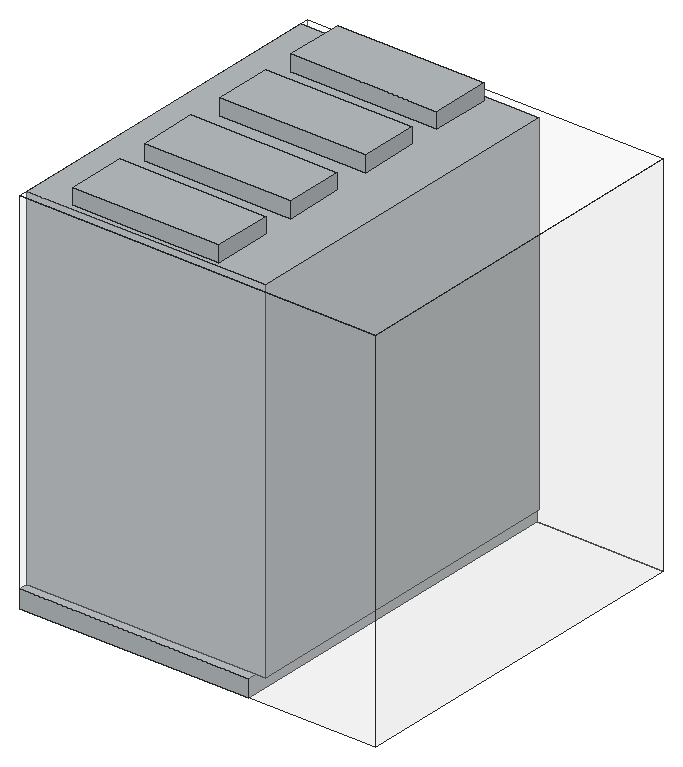
Revit family "lf-300_500x2-(f)60_60Hz", category 機械設備, Revit 2019
Family settings
  丸型コネクタ寸法 = 直径を使用
  パーツ タイプ = 標準
  OmniClass 番号 = 23.75.10.34.21
  OmniClass タイトル = Heat Exchangers for Ventilation Air
  作業面ベース = いいえ
  常に垂直 = はい
  ロード時にボイドで切り取り = いいえ
  共有 = いいえ
  部屋計算ポイント = はい
Parameters (values of type "LF-300X2-60")
  騒音レベル(dB(A)) = 52
  風量 = 3000.0 m³/h
  面風速 = 3.7 m/s
  電源種別 [instance] = ""
  電圧 = 200 V
  電動機出力 = 0 W
  集中コントローラ = ""
  運転質量 = 0.00 kg
  連動 [instance] = ""
  質量 = if(製品質量 > 運転質量, 製品質量, 運転質量) * 1.2  # 648.00 kg
  負荷分類 = 3_ファン類
  説明 = "設備用ロスナイ 床置形"
  設計風量 = 0.0 m³/h
  設置方法 = "床置形"
  記号 [instance] = ""
  製造元 = "三菱電機株式会社"
  製品質量 = 540.00 kg
  製品出荷対象 = "国内"
  製品リリース年月 = "2018/7/25"
  製品グループ = ""
  系統 [instance] = ""
  符号 = "HEU"
  積算_科目 = "1 空気調和設備"
  積算_拾い区分 [instance] = ""
  相 = 3
  盤記号 [instance] = ""
  発停方法 [instance] = ""
  特殊仕様 [instance] = ""
  火災停止 [instance] = ""
  温度交換効率 = 75.00%
  消費電力 = 2500 W
  法定耐用年数 = "15"
  機外静圧_排気 = 320.0 Pa
  機外静圧 = 320.0 Pa
  極数 = 3
  材質 [instance] = ""
  本体固定用穴ピッチ2 = 850 mm
  本体固定用穴ピッチ1 = 568 mm
  本体固定用穴_径 = 20 mm
  本体マテリアル = 溶融亜鉛めっき鋼板
  操作・制御方式 = ""
  操作・制御スイッチ = ""
  排気量 = 0.0 m³/h
  形式 = "床置形"
  幹線記号 [instance] = ""
  対象室 [instance] = ""
  実風量 = 0.0 m³/h
  始動方式 [instance] = "直入"
  外気量 = 0.0 m³/h
  呼称 = "全熱交換ユニット"
  周波数 = 60 Hz
  参照している仕様書等のバージョン = "公共建築工事標準仕様書（機械設備工事編）平成31年度版"
  初期抵抗 = 0.0 Pa
  分類コード = "50052504100050"
  分類グループ = ""
  価格 = 3813000
  企業コード = "108420"
  付属品_フィルター_還気 = ""
  付属品_フィルター = ""
  付属品 [instance] = ""
  仕様書バージョン = "Version1.0"
  モデル = "LF-300X2-60"
  メンテナンススペース = yes
  コメント [instance] = ""
  Keynote = ""
  エンタルピ交換効率_暖房 = 68.00%
  エンタルピ交換効率_冷房 = 65.00%
  Assembly Code = ""
  Width = 1220 mm
  W1 = 1170 mm
  Version = ""
  Uniclass2015Version = "Systems v1.9"
  Uniclass2015Title = "Thermal wheels"
  Uniclass2015Code = "Pr_60_60_36_88"
  URL = "https://www.mitsubishielectric.co.jp/ldg/wink/ssl/displayProduct.do?pid=294055"
  SpecificationReference = ""
  SpecificationDescription = ""
  SAサイズ_W = 748 mm
  SAサイズ_D = 298 mm
  Revision = ""
  RAサイズ_W = 748 mm
  RAサイズ_D = 298 mm
  ProductInformation = ""
  OmniClassCode = "23-27 23 19 11"
  OAサイズ_W = 748 mm
  OAサイズ_D = 298 mm
  MIN風量 = 0.0 m³/h
  MIN静圧 = 0.0 Pa
  MID風量 = 0.0 m³/h
  MID静圧 = 0.0 Pa
  MAX風量 = 3000.0 m³/h
  MAX静圧 = 320.0 Pa
  IfcTypeProduct = ""
  IfcProduct = ""
  IfcExportType = "ROTARYWHEEL"
  IfcExportAs = "IfcAirToAirHeatRecoveryType"
  Height = 1800 mm
  H1 = 90 mm
  EAサイズ_W = 748 mm
  EAサイズ_D = 298 mm
  Duct_Pitch2 = 458 mm
  Duct_Pitch1 = 479 mm
  Duct_Height = 80 mm
  Depth = 1750 mm
  D1 = 1840 mm
  Clearance Top = 0 mm
  Clearance Right = 600 mm
  Clearance Left = 0 mm
  Clearance Front = 0 mm
  Clearance Bottom = 0 mm
  Clearance Back = 0 mm
  Author = "三菱電機株式会社"
Types (6, lengths in mm): name | 騒音レベル(dB(A)) | 風量 | 面風速 | 質量 | 説明 | 製品質量 | 消費電力 | 機外静圧_排気 | 機外静圧 | 価格 | モデル | URL | MAX風量 | MAX静圧 | Height
  LF-300X2-60 | 52 | 3000.0 m³/h | 3.7 m/s | 648.00 kg | "設備用ロスナイ 床置形" | 540.00 kg | 2500 W | 320.0 Pa | 320.0 Pa | 3813000 | "LF-300X2-60" | "https://www.mitsubishielectric.co.jp/ldg/wink/ssl/displayProduct.do?pid=294055" | 3000.0 m³/h | 320.0 Pa | 1800
  LF-400X2-60 | 53.5 | 4000.0 m³/h | 4.94 m/s | 660.00 kg | "設備用ロスナイ 床置形" | 550.00 kg | 3000 W | 300.0 Pa | 300.0 Pa | 4538000 | "LF-400X2-60" | "https://www.mitsubishielectric.co.jp/ldg/wink/ssl/displayProduct.do?pid=294057" | 4000.0 m³/h | 300.0 Pa | 1800
  LF-500X2-60 | 54.5 | 5000.0 m³/h | 6.17 m/s | 744.00 kg | "設備用ロスナイ 床置形" | 620.00 kg | 3560 W | 215.0 Pa | 215.0 Pa | 5325000 | "LF-500X2-60" | "https://www.mitsubishielectric.co.jp/ldg/wink/ssl/displayProduct.do?pid=294059" | 5000.0 m³/h | 215.0 Pa | 2187
  LF-300X2-F60 | 52 | 3000.0 m³/h | 3.7 m/s | 648.00 kg | "設備用ロスナイ 床置形 インバータ端子付" | 540.00 kg | 2500 W | 320.0 Pa | 320.0 Pa | 4194000 | "LF-300X2-F60" | "https://www.mitsubishielectric.co.jp/ldg/wink/ssl/displayProduct.do?pid=294072" | 3000.0 m³/h | 320.0 Pa | 1800
  LF-400X2-F60 | 53.5 | 4000.0 m³/h | 4.94 m/s | 660.00 kg | "設備用ロスナイ 床置形 インバータ端子付" | 550.00 kg | 3000 W | 330.0 Pa | 330.0 Pa | 4993000 | "LF-400X2-F60" | "https://www.mitsubishielectric.co.jp/ldg/wink/ssl/displayProduct.do?pid=294073" | 4000.0 m³/h | 330.0 Pa | 1800
  LF-500X2-F60 | 54.5 | 5000.0 m³/h | 6.17 m/s | 744.00 kg | "設備用ロスナイ 床置形 インバータ端子付" | 620.00 kg | 3560 W | 215.0 Pa | 215.0 Pa | 5858000 | "LF-500X2-F60" | "https://www.mitsubishielectric.co.jp/ldg/wink/ssl/displayProduct.do?pid=294074" | 5000.0 m³/h | 215.0 Pa | 2187
Reference planes
  plane 1 "中心(正面/背面)": y = 0
  plane 2: z = 0
  plane 3 "中心(左/右)": x = 0
  plane 4: x = 585
  plane 5: x = 635
  plane 6: y = 875
  plane 7: y = 920
  plane 8: y = -875
  plane 9: y = -920
  plane 10: x = -585
  plane 11: x = -585
  plane 12: y = 239.5
  plane 13: y = 697.5
  plane 14: y = -239.5
  plane 15: y = -697.5
  plane 16: y = -548.5
  plane 17: y = -846.5
  plane 18: y = -90.5
  plane 19: y = -388.5
  plane 20: y = 388.5
  plane 21: y = 90.5
  plane 22: y = 846.5
  plane 23: y = 548.5
  plane 24: x = -374
  plane 25: x = 374
  plane 26: z = 90
  plane 27: z = 1890
  plane 28: z = 1970
  plane 29: y = 850
  plane 30: y = -850
  plane 31: x = -284
  plane 32: x = 284
  plane 33: x = 1235
  plane 34: x = -585
  plane 35: y = 920
  plane 36: y = -920
  plane 37: z = 1890
  plane 38: z = 0
Forms (mm)
  Extrusion 1, solid, material "溶融亜鉛めっき鋼板" <- "本体マテリアル", detail levels fine
    sketch origin (0, 0, 0) x (1, 0, 0) y (0, 1, 0)
      loop
        line (-585, 875) -> (-585, -875) -> (635, -875) -> (635, 875) -> (-585, 875)
    from 90 to 1890
  Extrusion 2, solid, material "溶融亜鉛めっき鋼板" <- "本体マテリアル", detail levels fine
    sketch origin (0, 0, 0) x (1, 0, 0) y (0, 1, 0)
      loop
        line (-585, 920) -> (-585, -920) -> (585, -920) -> (585, 920) -> (-585, 920)
    from 0 to 90
  Extrusion 3, solid, material "溶融亜鉛めっき鋼板" <- "本体マテリアル", detail levels fine
    sketch origin (0, 0, 0) x (1, 0, 0) y (0, 1, 0)
      loop
        line (-374, 846.5) -> (-374, 548.5) -> (374, 548.5) -> (374, 846.5) -> (-374, 846.5)
      loop
        line (-374, 388.5) -> (-374, 90.5) -> (374, 90.5) -> (374, 388.5) -> (-374, 388.5)
      loop
        line (-374, -388.5) -> (374, -388.5) -> (374, -90.5) -> (-374, -90.5) -> (-374, -388.5)
      loop
        line (-374, -548.5) -> (-374, -846.5) -> (374, -846.5) -> (374, -548.5) -> (-374, -548.5)
    from 1890 to 1970
Lines and regions (mm)
  Masking region 1, detail levels coarse+medium
    outline origin (1331.5, 88, 0) x (1, 0, 0) y (0, 1, 0)
      loop
        line (-1916.5, 832) -> (-1916.5, -1008) -> (-746.5, -1008) -> (-746.5, 832) -> (-1916.5, 832)
  symbolic lines, detail levels coarse+medium
    curve 1: line (0, 920, 0) -> (-585, 0, 0)
    curve 2: line (-585, 0, 0) -> (0, -920, 0)
    curve 3: line (0, -920, 0) -> (585, 0, 0)
    curve 4: line (0, 920, 0) -> (585, 0, 0)
Dimensions and locks
  equal spacing: plane 10, plane 3 "中心(左/右)", plane 4
  "W1": plane 10 to plane 4
  "Width": plane 11 to plane 5
  equal spacing: plane 7, plane 1 "中心(正面/背面)", plane 9
  "D1": plane 7 to plane 9
  equal spacing: plane 6, plane 1 "中心(正面/背面)", plane 8
  "Depth": plane 6 to plane 8
  equal spacing: plane 12, plane 1 "中心(正面/背面)", plane 14
  "Duct_Pitch1": plane 12 to plane 14
  "Duct_Pitch2": plane 13 to plane 12
  "Duct_Pitch2": plane 15 to plane 14
  equal spacing: plane 16, plane 15, plane 17
  "SAサイズ_D": plane 16 to plane 17
  equal spacing: plane 19, plane 14, plane 18
  "RAサイズ_D": plane 19 to plane 18
  equal spacing: plane 21, plane 12, plane 20
  "OAサイズ_D": plane 21 to plane 20
  equal spacing: plane 23, plane 13, plane 22
  "EAサイズ_D": plane 23 to plane 22
  equal spacing: plane 24, plane 3 "中心(左/右)", plane 25
  "SAサイズ_W": plane 24 to plane 25
  locked: plane 11 to plane 10 at 0
  "H1": plane 26 to level
  "Height": plane 27 to plane 26
  "Duct_Height": plane 28 to plane 27
  "本体固定用穴ピッチ2": plane 1 "中心(正面/背面)" to plane 29
  "本体固定用穴ピッチ2": plane 30 to plane 1 "中心(正面/背面)"
  equal spacing: plane 31, plane 3 "中心(左/右)", plane 32
  "本体固定用穴ピッチ1": plane 31 to plane 32
  "Clearance Right": plane 5 to plane 33
  "Clearance Left": plane 34 to plane 11
  "Clearance Top": plane 37 to plane 27
  "Clearance Bottom": level to plane 38
  "Clearance Front": plane 9 to plane 36
  "Clearance Back": plane 35 to plane 7
  aligned and locked: level to plane 2
  aligned and locked: Extrusion 1 sketch curve to plane 6
  aligned and locked: plane 10 to Extrusion 1 sketch curve
  aligned and locked: Extrusion 1 sketch curve to plane 8
  aligned and locked: Extrusion 2 sketch curve to plane 7
  aligned and locked: plane 11 to Extrusion 2 sketch curve
  aligned and locked: Extrusion 2 sketch curve to plane 9
  aligned and locked: Extrusion 3 sketch curve to plane 22
  aligned and locked: plane 24 to Extrusion 3 sketch curve  (x3)
  aligned and locked: Extrusion 3 sketch curve to plane 23
  aligned and locked: plane 25 to Extrusion 3 sketch curve  (x3)
  aligned and locked: Extrusion 3 sketch curve to plane 20
  aligned and locked: Extrusion 3 sketch curve to plane 21
  aligned and locked: plane 19 to Extrusion 3 sketch curve
  aligned and locked: Extrusion 3 sketch curve to plane 24
  aligned and locked: plane 18 to Extrusion 3 sketch curve
  aligned and locked: Extrusion 3 sketch curve to plane 25
  aligned and locked: Extrusion 3 sketch curve to plane 16
  aligned and locked: Extrusion 3 sketch curve to plane 17
  aligned and locked: plane 9 to Masking region 1
  aligned and locked: Masking region 1 to plane 11
  aligned and locked: plane 7 to Masking region 1
  aligned and locked: Masking region 1 to curve 1
  aligned and locked: Masking region 1 to curve 2
  aligned and locked: plane 26 to Extrusion 2
  aligned and locked: plane 27 to Extrusion 1
  aligned and locked: Extrusion 1 to plane 26
  aligned and locked: plane 28 to Extrusion 3
  aligned and locked: Extrusion 3 to plane 27
  aligned and locked: plane 33 to nested 1
  aligned and locked: nested 1 to plane 35
  aligned and locked: nested 1 to plane 37
  aligned and locked: nested 1 to plane 38
  aligned and locked: plane 9 to curve 2
  aligned and locked: plane 3 "中心(左/右)" to curve 3
  aligned and locked: plane 4 to curve 3
  aligned and locked: plane 3 "中心(左/右)" to curve 4
  aligned and locked: plane 1 "中心(正面/背面)" to curve 4
  aligned and locked: plane 30 to nested 2
  aligned and locked: plane 31 to nested 2
  aligned and locked: nested 2 to plane 32
  aligned and locked: plane 31 to nested 3
  aligned and locked: nested 3 to plane 32
  aligned and locked: plane 1 "中心(正面/背面)" to nested 3
  aligned and locked: plane 31 to nested 4
  aligned and locked: nested 4 to plane 32
  aligned and locked: nested 4 to plane 29
  aligned and locked: nested 1 to plane 34
  aligned and locked: Masking region 1 to plane 4
  aligned and locked: plane 4 to Extrusion 2 sketch curve
  aligned and locked: plane 5 to Extrusion 1 sketch curve
  aligned and locked: nested 5 to plane 3 "中心(左/右)"
  aligned and locked: nested 5 to plane 29
  aligned and locked: plane 30 to nested 5
  aligned and locked: nested 1 to plane 36
Automatic sketch dimensions
  plane 9 to Masking region 1 sketch curve = 0 mm
  Masking region 1 sketch curve to plane 10 = 0 mm
  plane 5 to Masking region 1 sketch curve = 50 mm
  Masking region 1 sketch curve to plane 7 = 0 mm
  plane 1 "中心(正面/背面)" to curve 1 = 0 mm
  curve 1 to plane 10 = 0 mm
  curve 4 to plane 7 = 0 mm
Nested families
  nested 1: "メンテナンススペース" at (325, 0, 945), visible <- "メンテナンススペース", type "メンテナンススペース"
    with Width 1820 mm, Height 1890 mm, Depth 1840 mm
  nested 2: "固定点" at (-284, -850, 0), type "固定点"
    with W 568 mm, D 1000 mm
  nested 3: "固定点" at (-284, 0, 0), type "固定点"
    with W 568 mm, D 1000 mm
  nested 4: "固定点" at (-284, 850, 0), type "固定点"
    with W 568 mm, D 1000 mm
  nested 5: "固定点" at (0, 850, 0) x (0, -1, 0) z (0, 0, 1), type "固定点"
    with W 1700 mm, D 1000 mm
Connectors
  hvac at (0, -697.5, 1970), driven by "SAサイズ_D", driven by "SAサイズ_W", driven by "機外静圧", driven by "風量"
    settings: on Extrusion 3, index 1, duct flow 3000.0 m³/h, flow factor 0, pres drop 320.0 Pa, loss coef 0, conn angle 0.00°, conn width 748 mm, conn height 298 mm, conn diameter 609.6 mm, duct sys type 1, conn prof type 1, flow config 0, flow direction 2, loss method 4, conn ref index -1, conn util no, is conn primary yes, conn desc ""
  hvac at (0, -239.5, 1970), driven by "RAサイズ_D", driven by "RAサイズ_W", driven by "機外静圧", driven by "風量"
    settings: on Extrusion 3, index 2, duct flow 3000.0 m³/h, flow factor 0, pres drop 320.0 Pa, loss coef 0, conn angle 0.00°, conn width 748 mm, conn height 298 mm, conn diameter 609.6 mm, duct sys type 2, conn prof type 1, flow config 0, flow direction 1, loss method 4, conn ref index -1, conn util no, is conn primary no, conn desc ""
  hvac at (0, 239.5, 1970), driven by "OAサイズ_D", driven by "OAサイズ_W", driven by "機外静圧", driven by "外気量"
    settings: on Extrusion 3, index 3, duct flow 0.0 m³/h, flow factor 0, pres drop 320.0 Pa, loss coef 0, conn angle 0.00°, conn width 748 mm, conn height 298 mm, conn diameter 609.6 mm, duct sys type 4, conn prof type 1, flow config 0, flow direction 1, loss method 4, conn ref index -1, conn util no, is conn primary no, conn desc ""
  hvac at (0, 697.5, 1970), driven by "EAサイズ_D", driven by "EAサイズ_W", driven by "機外静圧_排気", driven by "排気量"
    settings: on Extrusion 3, index 4, duct flow 0.0 m³/h, flow factor 0, pres drop 320.0 Pa, loss coef 0, conn angle 0.00°, conn width 748 mm, conn height 298 mm, conn diameter 609.6 mm, duct sys type 3, conn prof type 1, flow config 0, flow direction 2, loss method 4, conn ref index -1, conn util no, is conn primary no, conn desc ""
  electrical at (635, 0, 990), driven by "極数", driven by "負荷分類", driven by "電圧", driven by "消費電力"
    settings: on Extrusion 1, index 5, voltage 200 V, apparent load 2500 VA, apparent load phase1 0 VA, apparent load phase2 0 VA, apparent load phase3 0 VA, power factor 1, load classification "3_ファン類", number of poles 3, system type 30, power factor state 1, is connector primary yes, connector utility no, sub classification motor no, connector description ""
Definition of nested family "メンテナンススペース"
  Parameters (values of type "メンテナンススペース")
    Width [instance] = 500 mm
    Height [instance] = 500 mm
    Depth [instance] = 500 mm
  Reference planes
    plane 1 "中心(正面/背面)": y = 0
    plane 2: z = 0
    plane 3 "中心(左/右)": x = 0
    plane 4: y = -250
    plane 5: x = 250
    plane 6: y = 250
    plane 7: x = -250
    plane 8: z = 250
    plane 9: z = -250
  Forms (mm)
    Extrusion 1, solid
      sketch origin (-638.939, 0, 72.39) x (1, 0, 0) y (0, 1, 0)
        loop
          line (388.939, 250) -> (388.939, -250) -> (888.939, -250) -> (888.939, 250) -> (388.939, 250)
      from -322.39 to 177.61
  Lines and regions (mm)
    symbolic lines
      curve 1: line (-250, 0, 250) -> (250, 0, 250)
      curve 2: line (-250, 0, -250) -> (-250, 0, 250)
      curve 3: line (250, 0, -250) -> (-250, 0, -250)
      curve 4: line (250, 0, 250) -> (250, 0, -250)
      curve 5: line (0, -250, 250) -> (0, 250, 250)
      curve 6: line (0, -250, -250) -> (0, -250, 250)
      curve 7: line (0, 250, -250) -> (0, -250, -250)
      curve 8: line (0, 250, 250) -> (0, 250, -250)
      curve 9: line (-250, 250, 0) -> (250, 250, 0)
      curve 10: line (-250, -250, 0) -> (-250, 250, 0)
      curve 11: line (250, -250, 0) -> (-250, -250, 0)
      curve 12: line (250, 250, 0) -> (250, -250, 0)
  Dimensions and locks
    equal spacing: plane 7, plane 3 "中心(左/右)", plane 5
    equal spacing: plane 4, plane 1 "中心(正面/背面)", plane 6
    "Depth": plane 4 to plane 6
    "Width": plane 7 to plane 5
    equal spacing: plane 8, plane 2, plane 9
    "Height": plane 8 to plane 9
    aligned and locked: plane 9 to curve 3
    aligned and locked: plane 7 to curve 2
    aligned and locked: curve 4 to plane 5
    aligned and locked: plane 5 to Extrusion 1
    aligned and locked: Extrusion 1 to plane 7
    aligned and locked: Extrusion 1 to plane 9
    aligned and locked: plane 8 to Extrusion 1
    aligned and locked: plane 9 to curve 7
  Automatic sketch dimensions
    plane 4 to Extrusion 1 sketch curve = 0 mm
    Extrusion 1 sketch curve to plane 7 = 0 mm
    Extrusion 1 sketch curve to plane 5 = 0 mm
    plane 6 to Extrusion 1 sketch curve = 0 mm
    curve 2 to plane 8 = 0 mm
    plane 4 to curve 11 = 0 mm
    curve 11 to plane 7 = 0 mm
    curve 11 to plane 5 = 0 mm
    plane 6 to curve 10 = 0 mm
    curve 7 to plane 4 = 0 mm
    curve 7 to plane 6 = 0 mm
    curve 6 to plane 8 = 0 mm
Definition of nested family "固定点"
  Parameters (values of type "固定点")
    中心円 = 20 mm
    W [instance] = 1000 mm
    D [instance] = 1000 mm
  Reference planes
    plane 1 "中心(正面/背面)": y = 0
    plane 2: z = 0
    plane 3 "中心(左/右)": x = 0
    plane 4: x = 1000
  Lines and regions (mm)
    symbolic lines, detail levels fine
      curve 1: circle (0, 0, 0) r 10 normal (0, 0, 1)
      curve 2: circle (1000, 0, 0) r 10 normal (0, 0, 1)
      curve 3: line (-200, 0, 0) -> (1200, 0, 0)
      curve 4: line (0, 200, 0) -> (0, -200, 0)
      curve 5: line (1000, 200, 0) -> (1000, -200, 0)
  Dimensions and locks
    "W": plane 3 "中心(左/右)" to plane 4
    "中心円": diameter of curve 1
    "中心円": diameter of curve 2
    aligned and locked: level to plane 2
    aligned and locked: plane 3 "中心(左/右)" to curve 1
    aligned and locked: plane 1 "中心(正面/背面)" to curve 1
    aligned and locked: plane 1 "中心(正面/背面)" to curve 2
    aligned and locked: plane 4 to curve 2
    aligned and locked: plane 1 "中心(正面/背面)" to curve 3
    aligned and locked: curve 4 to plane 3 "中心(左/右)"
    aligned and locked: curve 5 to plane 4
  Automatic sketch dimensions
    curve 3 to plane 3 "中心(左/右)" = 200 mm
    curve 2 to curve 3 = 200 mm
    plane 1 "中心(正面/背面)" to curve 4 = 200 mm
    plane 1 "中心(正面/背面)" to curve 5 = 200 mm
    curve 5 to plane 1 "中心(正面/背面)" = 200 mm
    curve 4 to plane 1 "中心(正面/背面)" = 200 mm
